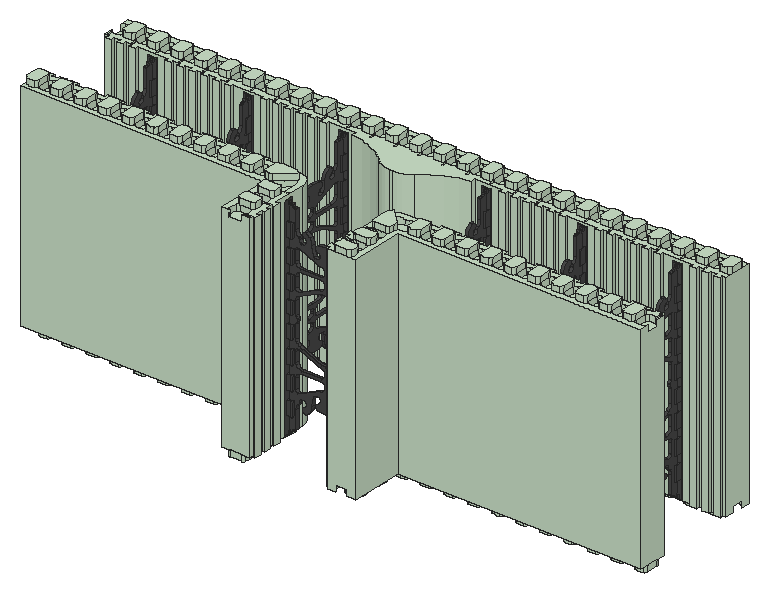
Revit family (continued)
Forms (mm)
  Extrusion 109, void
    sketch origin (-914.281, 0.104, 0) x (0, -1, 0) y (1, 0, 0)
      loop
        arc (-101.014, 635) -> (-97.278, 636.215) -> (-94.972, 639.396) r 6.35
        arc (-94.972, 639.396) -> (-93.737, 645.691) -> (-94.024, 652.1) r 26.988
        arc (-94.024, 652.1) -> (-93.668, 653.385) -> (-92.457, 653.946) r 1.588
        line (-92.457, 653.946) -> (-86.829, 653.946) -> (-86.829, 658.285) -> (-95.62, 658.285)
        arc (-95.62, 658.285) -> (-96.199, 658.394) -> (-96.698, 658.708) r 1.588
        arc (-96.698, 658.708) -> (-98.696, 659.961) -> (-101.014, 660.4) r 6.35
        line (-101.014, 660.4) -> (-124.411, 660.4)
        arc (-124.411, 660.4) -> (-128.147, 659.184) -> (-130.453, 656.003) r 6.35
        arc (-130.453, 656.003) -> (-131.763, 647.7) -> (-130.453, 639.396) r 26.987
    from 0 to 12.7
Cuts and joins
  Extrusion 2, Extrusion 3, Extrusion 4, Extrusion 5, Extrusion 6, Extrusion 7, Extrusion 8, Extrusion 9, Extrusion 10, Extrusion 11, Extrusion 12, Extrusion 13, Extrusion 14, Extrusion 15, Extrusion 16, Extrusion 17, Extrusion 18, Extrusion 19, Extrusion 20, Extrusion 21, Extrusion 22, Extrusion 23, Extrusion 24, Extrusion 25, Extrusion 26, Extrusion 27, Extrusion 28, Extrusion 29, Extrusion 30, Extrusion 31, Extrusion 32, Extrusion 33, Extrusion 34, Extrusion 35, Extrusion 36, Extrusion 37, Extrusion 38, Extrusion 39, Extrusion 40, Extrusion 41, Extrusion 46, Extrusion 47, Extrusion 48, Extrusion 49, Extrusion 50, Extrusion 51, Extrusion 52, Extrusion 53, Extrusion 54, Extrusion 55, Extrusion 56, Extrusion 57, Extrusion 58, Extrusion 59, Extrusion 60, Extrusion 61, Extrusion 62, Extrusion 63, Extrusion 64, Extrusion 65, Extrusion 66, Extrusion 67, Extrusion 68, Extrusion 69, Extrusion 70, Extrusion 71, Extrusion 72, Extrusion 73, Extrusion 74, Extrusion 75, Extrusion 76, Extrusion 77, Extrusion 78, Extrusion 79, Extrusion 80, Extrusion 81, Extrusion 82, Extrusion 83, Extrusion 84, Extrusion 85, Extrusion 86, Extrusion 87, Extrusion 88, Extrusion 89, Extrusion 90, Extrusion 91, Extrusion 92, Extrusion 93, Extrusion 94, Extrusion 95, Extrusion 96, Extrusion 97, Extrusion 98, Extrusion 99, Extrusion 100, Extrusion 101, Extrusion 102, Extrusion 103, Extrusion 104, Extrusion 105, Extrusion 106, Extrusion 107, Extrusion 108, Extrusion 109 cuts Extrusion 1
  Extrusion 4 cuts Extrusion 43
  Extrusion 8 cuts Extrusion 44
  Extrusion 13 cuts Extrusion 42
  Extrusion 19 cuts Extrusion 45
Lines and regions (mm)
  model lines
    curve 1: line (0.119, 143.044, 457.2) -> (0.119, 143.044, 0)
    curve 2: line (-50.681, 143.044, 0) -> (-50.681, 143.044, 457.2)
Dimensions and locks
  aligned and locked: level to plane 2
  aligned and locked: Extrusion 1 to level
  aligned and locked: nested 43 to nested 44
  aligned and locked: nested 115 to nested 43
Nested families
  nested 1: "Interlock Tooth" at (0.119, -253.895, 0) x (0, 1, 0) z (0, 0, 1), type "Interlock Tooth"
  nested 2: "Interlock Tooth" at (0.119, -203.095, 0) x (0, 1, 0) z (0, 0, 1), type "Interlock Tooth"
  nested 3: "Interlock Tooth" at (0.119, -228.495, 0) x (0, 1, 0) z (0, 0, 1), type "Interlock Tooth"
  nested 4: "Interlock Tooth" at (0.119, -177.695, 0) x (0, 1, 0) z (0, 0, 1), type "Interlock Tooth"
  nested 5: "Interlock Tooth" at (-253.881, 0.105, 0), type "Interlock Tooth"
  nested 6: "Interlock Tooth" at (-203.081, 0.105, 0), type "Interlock Tooth"
  nested 7: "Interlock Tooth" at (152.519, 0.105, 0), type "Interlock Tooth"
  nested 8: "Interlock Tooth" at (203.319, 0.105, 0), type "Interlock Tooth"
  nested 9: "Interlock Tooth" at (-228.481, 0.105, -469.9), type "Interlock Tooth"
  nested 10: "Interlock Tooth" at (-177.681, 0.105, -469.9), type "Interlock Tooth"
  nested 11: "Interlock Tooth" at (228.719, 0.105, -469.9), type "Interlock Tooth"
  nested 12: "Interlock Tooth" at (177.919, 0.105, -469.9), type "Interlock Tooth"
  nested 13: "Interlock Tooth" at (0.119, -228.495, -469.9) x (0, -1, 0) z (0, 0, 1), type "Interlock Tooth"
  nested 14: "Interlock Tooth" at (0.119, -177.695, -469.9) x (0, -1, 0) z (0, 0, 1), type "Interlock Tooth"
  nested 15: "Interlock Tooth" at (0.119, -228.495, -469.9) x (0, 1, 0) z (0, 0, 1), type "Interlock Tooth"
  nested 16: "Interlock Tooth" at (0.119, -177.695, -469.9) x (0, 1, 0) z (0, 0, 1), type "Interlock Tooth"
  nested 17: "Interlock Tooth" at (-203.081, 0.104, 0) x (-1, 0, 0) z (0, 0, 1), type "Interlock Tooth"
  nested 18: "Interlock Tooth" at (-228.481, 0.104, -469.9) x (-1, 0, 0) z (0, 0, 1), type "Interlock Tooth"
  nested 19: "Interlock Tooth" at (-152.281, 0.104, 0) x (-1, 0, 0) z (0, 0, 1), type "Interlock Tooth"
  nested 20: "Interlock Tooth" at (-177.681, 0.104, -469.9) x (-1, 0, 0) z (0, 0, 1), type "Interlock Tooth"
  nested 21: "Interlock Tooth" at (-101.481, 0.104, 0) x (-1, 0, 0) z (0, 0, 1), type "Interlock Tooth"
  nested 22: "Interlock Tooth" at (-126.881, 0.104, -469.9) x (-1, 0, 0) z (0, 0, 1), type "Interlock Tooth"
  nested 23: "Interlock Tooth" at (-50.681, 0.104, 0) x (-1, 0, 0) z (0, 0, 1), type "Interlock Tooth"
  nested 24: "Interlock Tooth" at (-76.081, 0.104, -469.9) x (-1, 0, 0) z (0, 0, 1), type "Interlock Tooth"
  nested 25: "Interlock Tooth" at (0.119, 0.104, 0) x (-1, 0, 0) z (0, 0, 1), type "Interlock Tooth"
  nested 26: "Interlock Tooth" at (-25.281, 0.104, -469.9) x (-1, 0, 0) z (0, 0, 1), type "Interlock Tooth"
  nested 27: "Interlock Tooth" at (50.919, 0.104, 0) x (-1, 0, 0) z (0, 0, 1), type "Interlock Tooth"
  nested 28: "Interlock Tooth" at (25.519, 0.104, -469.9) x (-1, 0, 0) z (0, 0, 1), type "Interlock Tooth"
  nested 29: "Interlock Tooth" at (101.719, 0.104, 0) x (-1, 0, 0) z (0, 0, 1), type "Interlock Tooth"
  nested 30: "Interlock Tooth" at (76.319, 0.104, -469.9) x (-1, 0, 0) z (0, 0, 1), type "Interlock Tooth"
  nested 31: "Interlock Tooth" at (152.519, 0.104, 0) x (-1, 0, 0) z (0, 0, 1), type "Interlock Tooth"
  nested 32: "Interlock Tooth" at (127.119, 0.104, -469.9) x (-1, 0, 0) z (0, 0, 1), type "Interlock Tooth"
  nested 33: "Interlock Tooth" at (203.319, 0.104, 0) x (-1, 0, 0) z (0, 0, 1), type "Interlock Tooth"
  nested 34: "Interlock Tooth" at (177.919, 0.104, -469.9) x (-1, 0, 0) z (0, 0, 1), type "Interlock Tooth"
  nested 35: "Interlock Tooth" at (254.119, 0.104, 0) x (-1, 0, 0) z (0, 0, 1), type "Interlock Tooth"
  nested 36: "Interlock Tooth" at (228.719, 0.104, -469.9) x (-1, 0, 0) z (0, 0, 1), type "Interlock Tooth"
  nested 37: "6 inch Insert Web" at (-152.281, 0.105, 0), type "6 inch Insert Web"
  nested 38: "6 inch Insert Web" at (152.519, 0.105, 0), type "6 inch Insert Web"
  nested 39: "6 inch Insert Web" at (0.119, -152.295, 0) x (0, 1, 0) z (0, 0, 1), type "6 inch Insert Web"
  nested 40: "NUDURA Diamond Pattern Missing Two Lines" at (-285.631, -253.895, 0) x (0, 1, 0) z (0, 0, 1), type "NUDURA Diamond Pattern minus Two lines"
  nested 41: "NUDURA Diamond Pattern Missing Two Lines" at (-253.881, 0.105, 0), type "NUDURA Diamond Pattern minus Two lines"
  nested 42: "NUDURA Diamond Pattern Missing Two Lines" at (0.119, -253.895, 0) x (0, 1, 0) z (0, 0, 1), type "NUDURA Diamond Pattern minus Two lines"
  nested 43: "NUDURA Logo Diamond" at (457.254, 143.044, 0) x (-1, 0, 0) z (0, 0, 1), type "NUDURA Logo Diamond"
  nested 44: "NUDURA Logo Diamond" at (152.454, 143.044, 0) x (-1, 0, 0) z (0, 0, 1), type "NUDURA Logo Diamond"
  nested 45: "Interlock Tooth" at (-406.281, 0.104, 0) x (-1, 0, 0) z (0, 0, 1), type "Interlock Tooth"
  nested 46: "Interlock Tooth" at (-355.481, 0.104, 0) x (-1, 0, 0) z (0, 0, 1), type "Interlock Tooth"
  nested 47: "Interlock Tooth" at (-304.681, 0.104, 0) x (-1, 0, 0) z (0, 0, 1), type "Interlock Tooth"
  nested 48: "Interlock Tooth" at (-253.881, 0.104, 0) x (-1, 0, 0) z (0, 0, 1), type "Interlock Tooth"
  nested 49: "Interlock Tooth" at (-457.081, 0.104, 0) x (-1, 0, 0) z (0, 0, 1), type "Interlock Tooth"
  nested 50: "Interlock Tooth" at (-609.481, 0.104, 0) x (-1, 0, 0) z (0, 0, 1), type "Interlock Tooth"
  nested 51: "Interlock Tooth" at (-558.681, 0.104, 0) x (-1, 0, 0) z (0, 0, 1), type "Interlock Tooth"
  nested 52: "Interlock Tooth" at (-507.881, 0.104, 0) x (-1, 0, 0) z (0, 0, 1), type "Interlock Tooth"
  nested 53: "Interlock Tooth" at (-355.481, 0.105, 0), type "Interlock Tooth"
  nested 54: "Interlock Tooth" at (-304.681, 0.105, 0), type "Interlock Tooth"
  nested 55: "Interlock Tooth" at (-457.081, 0.105, 0), type "Interlock Tooth"
  nested 56: "Interlock Tooth" at (-406.281, 0.105, 0), type "Interlock Tooth"
  nested 57: "Interlock Tooth" at (-558.681, 0.105, 0), type "Interlock Tooth"
  nested 58: "Interlock Tooth" at (-507.881, 0.105, 0), type "Interlock Tooth"
  nested 59: "Interlock Tooth" at (-660.281, 0.105, 0), type "Interlock Tooth"
  nested 60: "Interlock Tooth" at (-609.481, 0.105, 0), type "Interlock Tooth"
  nested 61: "Interlock Tooth" at (254.119, 0.105, 0), type "Interlock Tooth"
  nested 62: "Interlock Tooth" at (304.919, 0.105, 0), type "Interlock Tooth"
  nested 63: "Interlock Tooth" at (355.719, 0.105, 0), type "Interlock Tooth"
  nested 64: "Interlock Tooth" at (406.519, 0.105, 0), type "Interlock Tooth"
  nested 65: "Interlock Tooth" at (457.319, 0.105, 0), type "Interlock Tooth"
  nested 66: "Interlock Tooth" at (508.119, 0.105, 0), type "Interlock Tooth"
  nested 67: "Interlock Tooth" at (558.919, 0.105, 0), type "Interlock Tooth"
  nested 68: "Interlock Tooth" at (609.719, 0.105, 0), type "Interlock Tooth"
  nested 69: "Interlock Tooth" at (355.719, 0.104, 0) x (-1, 0, 0) z (0, 0, 1), type "Interlock Tooth"
  nested 70: "Interlock Tooth" at (406.519, 0.104, 0) x (-1, 0, 0) z (0, 0, 1), type "Interlock Tooth"
  nested 71: "Interlock Tooth" at (457.319, 0.104, 0) x (-1, 0, 0) z (0, 0, 1), type "Interlock Tooth"
  nested 72: "Interlock Tooth" at (508.119, 0.104, 0) x (-1, 0, 0) z (0, 0, 1), type "Interlock Tooth"
  nested 73: "Interlock Tooth" at (558.919, 0.104, 0) x (-1, 0, 0) z (0, 0, 1), type "Interlock Tooth"
  nested 74: "Interlock Tooth" at (609.719, 0.104, 0) x (-1, 0, 0) z (0, 0, 1), type "Interlock Tooth"
  nested 75: "Interlock Tooth" at (660.519, 0.104, 0) x (-1, 0, 0) z (0, 0, 1), type "Interlock Tooth"
  nested 76: "Interlock Tooth" at (304.919, 0.104, 0) x (-1, 0, 0) z (0, 0, 1), type "Interlock Tooth"
  nested 77: "Interlock Tooth" at (-330.081, 0.105, -469.9), type "Interlock Tooth"
  nested 78: "Interlock Tooth" at (-279.281, 0.105, -469.9), type "Interlock Tooth"
  nested 79: "Interlock Tooth" at (-431.681, 0.105, -469.9), type "Interlock Tooth"
  nested 80: "Interlock Tooth" at (-380.881, 0.105, -469.9), type "Interlock Tooth"
  nested 81: "Interlock Tooth" at (-533.281, 0.105, -469.9), type "Interlock Tooth"
  nested 82: "Interlock Tooth" at (-482.481, 0.105, -469.9), type "Interlock Tooth"
  nested 83: "Interlock Tooth" at (-634.881, 0.105, -469.9), type "Interlock Tooth"
  nested 84: "Interlock Tooth" at (-584.081, 0.105, -469.9), type "Interlock Tooth"
  nested 85: "Interlock Tooth" at (330.319, 0.105, -469.9), type "Interlock Tooth"
  nested 86: "Interlock Tooth" at (279.519, 0.105, -469.9), type "Interlock Tooth"
  nested 87: "Interlock Tooth" at (431.919, 0.105, -469.9), type "Interlock Tooth"
  nested 88: "Interlock Tooth" at (381.119, 0.105, -469.9), type "Interlock Tooth"
  nested 89: "Interlock Tooth" at (533.519, 0.105, -469.9), type "Interlock Tooth"
  nested 90: "Interlock Tooth" at (482.719, 0.105, -469.9), type "Interlock Tooth"
  nested 91: "Interlock Tooth" at (635.119, 0.105, -469.9), type "Interlock Tooth"
  nested 92: "Interlock Tooth" at (584.319, 0.105, -469.9), type "Interlock Tooth"
  nested 93: "Interlock Tooth" at (279.519, 0.104, -469.9) x (-1, 0, 0) z (0, 0, 1), type "Interlock Tooth"
  nested 94: "Interlock Tooth" at (330.319, 0.104, -469.9) x (-1, 0, 0) z (0, 0, 1), type "Interlock Tooth"
  nested 95: "Interlock Tooth" at (381.119, 0.104, -469.9) x (-1, 0, 0) z (0, 0, 1), type "Interlock Tooth"
  nested 96: "Interlock Tooth" at (431.919, 0.104, -469.9) x (-1, 0, 0) z (0, 0, 1), type "Interlock Tooth"
  nested 97: "Interlock Tooth" at (482.719, 0.104, -469.9) x (-1, 0, 0) z (0, 0, 1), type "Interlock Tooth"
  nested 98: "Interlock Tooth" at (533.519, 0.104, -469.9) x (-1, 0, 0) z (0, 0, 1), type "Interlock Tooth"
  nested 99: "Interlock Tooth" at (584.319, 0.104, -469.9) x (-1, 0, 0) z (0, 0, 1), type "Interlock Tooth"
  nested 100: "Interlock Tooth" at (635.119, 0.104, -469.9) x (-1, 0, 0) z (0, 0, 1), type "Interlock Tooth"
  nested 101: "Interlock Tooth" at (-634.881, 0.104, -469.9) x (-1, 0, 0) z (0, 0, 1), type "Interlock Tooth"
  nested 102: "Interlock Tooth" at (-584.081, 0.104, -469.9) x (-1, 0, 0) z (0, 0, 1), type "Interlock Tooth"
  nested 103: "Interlock Tooth" at (-533.281, 0.104, -469.9) x (-1, 0, 0) z (0, 0, 1), type "Interlock Tooth"
  nested 104: "Interlock Tooth" at (-482.481, 0.104, -469.9) x (-1, 0, 0) z (0, 0, 1), type "Interlock Tooth"
  nested 105: "Interlock Tooth" at (-431.681, 0.104, -469.9) x (-1, 0, 0) z (0, 0, 1), type "Interlock Tooth"
  nested 106: "Interlock Tooth" at (-380.881, 0.104, -469.9) x (-1, 0, 0) z (0, 0, 1), type "Interlock Tooth"
  nested 107: "Interlock Tooth" at (-330.081, 0.104, -469.9) x (-1, 0, 0) z (0, 0, 1), type "Interlock Tooth"
  nested 108: "Interlock Tooth" at (-279.281, 0.104, -469.9) x (-1, 0, 0) z (0, 0, 1), type "Interlock Tooth"
  nested 109: "6 inch Insert Web" at (-355.481, 0.105, 0), type "6 inch Insert Web"
  nested 110: "6 inch Insert Web" at (-558.681, 0.105, 0), type "6 inch Insert Web"
  nested 111: "6 inch Insert Web" at (355.719, 0.105, 0), type "6 inch Insert Web"
  nested 112: "6 inch Insert Web" at (558.919, 0.105, 0), type "6 inch Insert Web"
  nested 113: "NUDURA Diamond Pattern" at (-660.281, 285.919, 0), type "NUDURA Diamond Pattern"
  nested 114: "NUDURA Diamond Pattern" at (-457.081, 285.919, 0), type "NUDURA Diamond Pattern"
  nested 115: "NUDURA Diamond Pattern" at (457.319, 0.169, 0) x (-1, 0, 0) z (0, 0, 1), type "NUDURA Diamond Pattern"
  nested 116: "NUDURA Diamond Pattern" at (660.519, 0.169, 0) x (-1, 0, 0) z (0, 0, 1), type "NUDURA Diamond Pattern"
  nested 117: "NUDURA Logo Diamond" at (254.184, -142.705, 0), type "NUDURA Logo Diamond"
  nested 118: "NUDURA Logo Diamond" at (-863.416, -142.705, 0), type "NUDURA Logo Diamond"
  nested 119: "NUDURA Diamond Pattern" at (-457.081, 0.17, 0), type "NUDURA Diamond Pattern"
  nested 120: "NUDURA Diamond Pattern" at (254.119, 0.17, 0), type "NUDURA Diamond Pattern"
  nested 121: "NUDURA Diamond Pattern Missing Left Line" at (50.919, 0.17, 0), type "NUDURA Diamond Pattern missing left line"
Definition of nested family "Interlock Tooth"
  Reference planes
    plane 1 "Center (Front/Back)": y = 0
    plane 2: z = 0
    plane 3 "Center (Left/Right)": x = 0
    plane 4: z = 457.2
    plane 5: z = 469.9
    plane 6: z = -12.7
  Forms (mm)
    Extrusion 1, solid, material "EPS- NUDURA- Foam Panel"
      sketch origin (0, -225.425, 0) x (1, 0, 0) y (0, 1, 0)
        loop
          arc (0, 101.014) -> (1.215, 97.278) -> (4.396, 94.972) r 6.35
          arc (4.396, 94.972) -> (12.7, 93.663) -> (21.004, 94.972) r 26.988
          arc (21.004, 94.972) -> (24.185, 97.278) -> (25.4, 101.014) r 6.35
          line (25.4, 101.014) -> (25.4, 124.411)
          arc (25.4, 124.411) -> (24.185, 128.147) -> (21.004, 130.453) r 6.35
          arc (21.004, 130.453) -> (12.7, 131.763) -> (4.396, 130.453) r 26.987
          arc (4.396, 130.453) -> (1.215, 128.147) -> (0, 124.411) r 6.35
          line (0, 124.411) -> (0, 101.014)
      from 457.2 to 469.9
  Dimensions and locks
    locked: plane 4 to level at 457.2
    locked: plane 4 to plane 5 at 12.7
    locked: plane 6 to level at 12.7
Definition of nested family "6 inch Insert Web"
  Reference planes
    plane 1 "Center (Front/Back)": y = 0
    plane 2: z = 0
    plane 3 "Center (Left/Right)": x = 0
  Forms (mm)
    Extrusion 1, solid, material "High Density Polystyrene- NUDURA"
      sketch origin (0, 0, 0) x (0, 1, 0) y (0, 0, 1)
        loop
          line (82.55, 0) -> (82.55, 450.744)
          arc (82.55, 450.744) -> (81.817, 450.243) -> (81.534, 449.4) r 1.397
          line (81.534, 449.4) -> (81.534, 1.344)
          arc (81.534, 1.344) -> (81.817, 0.502) -> (82.55, 0) r 1.397
        loop
          arc (-82.55, 0) -> (-81.817, 0.502) -> (-81.534, 1.344) r 1.397
          line (-81.534, 1.344) -> (-81.534, 449.4)
          arc (-81.534, 449.4) -> (-81.817, 450.243) -> (-82.55, 450.744) r 1.397
          line (-82.55, 450.744) -> (-82.55, 0)
      from 9.227 to -9.227
    Extrusion 2, solid, material "Polypropylene- NUDURA"
      sketch origin (0, 0, 0) x (0, 1, 0) y (0, 0, 1)
        loop
          arc (80.998, 442.16) -> (81.375, 442.021) -> (81.534, 441.652) r 0.508
          line (81.534, 441.652) -> (81.534, 447.972)
          arc (81.534, 447.972) -> (81.429, 447.585) -> (81.142, 447.306) r 0.762
          line (81.142, 447.306) -> (79.386, 446.33)
          arc (79.386, 446.33) -> (79.099, 446.05) -> (78.994, 445.664) r 0.762
          line (78.994, 445.664) -> (78.994, 442.585)
          arc (78.994, 442.585) -> (79.153, 442.216) -> (79.53, 442.078) r 0.508
          line (79.53, 442.078) -> (80.998, 442.16)
        loop
          line (-79.386, 446.33) -> (-81.142, 447.306)
          arc (-81.142, 447.306) -> (-81.429, 447.585) -> (-81.534, 447.972) r 0.762
          line (-81.534, 447.972) -> (-81.534, 441.652)
          arc (-81.534, 441.652) -> (-81.375, 442.021) -> (-80.998, 442.16) r 0.508
          line (-80.998, 442.16) -> (-79.53, 442.078)
          arc (-79.53, 442.078) -> (-79.153, 442.216) -> (-78.994, 442.585) r 0.508
          line (-78.994, 442.585) -> (-78.994, 445.664)
          arc (-78.994, 445.664) -> (-79.099, 446.05) -> (-79.386, 446.33) r 0.762
        loop
          line (80.998, 8.585) -> (79.53, 8.666)
          arc (79.53, 8.666) -> (79.153, 8.528) -> (78.994, 8.159) r 0.508
          line (78.994, 8.159) -> (78.994, 5.08)
          arc (78.994, 5.08) -> (79.099, 4.694) -> (79.386, 4.414) r 0.762
          line (79.386, 4.414) -> (81.142, 3.439)
          arc (81.142, 3.439) -> (81.429, 3.159) -> (81.534, 2.772) r 0.762
          line (81.534, 2.772) -> (81.534, 9.092)
          arc (81.534, 9.092) -> (81.375, 8.723) -> (80.998, 8.585) r 0.508
        loop
          arc (-79.386, 4.414) -> (-79.099, 4.694) -> (-78.994, 5.08) r 0.762
          line (-78.994, 5.08) -> (-78.994, 8.159)
          arc (-78.994, 8.159) -> (-79.153, 8.528) -> (-79.53, 8.666) r 0.508
          line (-79.53, 8.666) -> (-80.998, 8.585)
          arc (-80.998, 8.585) -> (-81.375, 8.723) -> (-81.534, 9.092) r 0.508
          line (-81.534, 9.092) -> (-81.534, 2.772)
          arc (-81.534, 2.772) -> (-81.429, 3.159) -> (-81.142, 3.439) r 0.762
          line (-81.142, 3.439) -> (-79.386, 4.414)
        loop
          line (76.2, 437.076) -> (74.295, 442.918)
          arc (74.295, 442.918) -> (73.025, 443.68) -> (71.755, 442.918) r 1.439
          line (71.755, 442.918) -> (70.513, 439.108) -> (67.283, 439.108)
          arc (67.283, 439.108) -> (66.404, 438.744) -> (66.04, 437.865) r 1.243
          line (66.04, 437.865) -> (66.04, 437.076) -> (63.5, 437.076) -> (63.5, 398.587)
          arc (63.5, 398.587) -> (61.744, 391.807) -> (56.918, 386.731) r 13.97
          arc (56.918, 386.731) -> (55.685, 385.301) -> (55.481, 383.425) r 3.175
          arc (55.481, 383.425) -> (44.176, 375.129) -> (45.002, 389.127) r 7.747
          arc (45.002, 389.127) -> (48.114, 396.391) -> (40.85, 399.503) r 5.588
          arc (40.85, 399.503) -> (31.859, 392.006) -> (28.999, 380.652) r 18.923
          arc (28.999, 380.652) -> (27.891, 370.113) -> (24.621, 360.032) r 50.8
          arc (24.621, 360.032) -> (11.944, 359.938) -> (16.15, 371.896) r 7.747
          arc (16.15, 371.896) -> (20.591, 377.594) -> (16.474, 383.531) r 6.096
          arc (16.474, 383.531) -> (8.351, 385.585) -> (0, 386.276) r 50.8
          arc (0, 386.276) -> (-8.351, 385.585) -> (-16.474, 383.531) r 50.8
          arc (-16.474, 383.531) -> (-20.591, 377.594) -> (-16.15, 371.896) r 6.096
          arc (-16.15, 371.896) -> (-11.944, 359.938) -> (-24.621, 360.032) r 7.747
          arc (-24.621, 360.032) -> (-27.891, 370.113) -> (-28.999, 380.652) r 50.8
          arc (-28.999, 380.652) -> (-31.859, 392.006) -> (-40.85, 399.503) r 18.923
          arc (-40.85, 399.503) -> (-48.114, 396.391) -> (-45.002, 389.127) r 5.588
          arc (-45.002, 389.127) -> (-44.176, 375.129) -> (-55.481, 383.425) r 7.747
          arc (-55.481, 383.425) -> (-55.685, 385.301) -> (-56.918, 386.731) r 3.175
          arc (-56.918, 386.731) -> (-61.744, 391.807) -> (-63.5, 398.587) r 13.97
          line (-63.5, 398.587) -> (-63.5, 437.076) -> (-66.04, 437.076) -> (-66.04, 437.865)
          arc (-66.04, 437.865) -> (-66.404, 438.744) -> (-67.283, 439.108) r 1.243
          line (-67.283, 439.108) -> (-70.513, 439.108) -> (-71.755, 442.918)
          arc (-71.755, 442.918) -> (-73.025, 443.68) -> (-74.295, 442.918) r 1.439
          line (-74.295, 442.918) -> (-76.2, 437.076) -> (-76.2, 16.896) -> (-74.295, 11.054)
          arc (-74.295, 11.054) -> (-73.025, 10.292) -> (-71.755, 11.054) r 1.439
          line (-71.755, 11.054) -> (-70.513, 14.864) -> (-67.283, 14.864)
          arc (-67.283, 14.864) -> (-66.404, 15.228) -> (-66.04, 16.107) r 1.243
          line (-66.04, 16.107) -> (-66.04, 16.896) -> (-63.5, 16.896) -> (-63.5, 55.385)
          arc (-63.5, 55.385) -> (-61.744, 62.165) -> (-56.918, 67.242) r 13.97
          arc (-56.918, 67.242) -> (-55.685, 68.671) -> (-55.481, 70.547) r 3.175
          arc (-55.481, 70.547) -> (-44.176, 78.843) -> (-45.002, 64.845) r 7.747
          arc (-45.002, 64.845) -> (-48.114, 57.581) -> (-40.85, 54.469) r 5.588
          arc (-40.85, 54.469) -> (-31.859, 61.967) -> (-28.999, 73.32) r 18.923
          arc (-28.999, 73.32) -> (-27.891, 83.859) -> (-24.621, 93.94) r 50.8
          arc (-24.621, 93.94) -> (-11.944, 94.034) -> (-16.15, 82.076) r 7.747
          arc (-16.15, 82.076) -> (-20.591, 76.378) -> (-16.474, 70.441) r 6.096
          arc (-16.474, 70.441) -> (-8.351, 68.387) -> (0, 67.696) r 50.8
          arc (0, 67.696) -> (8.351, 68.387) -> (16.474, 70.441) r 50.8
          arc (16.474, 70.441) -> (20.591, 76.378) -> (16.15, 82.076) r 6.096
          arc (16.15, 82.076) -> (11.944, 94.034) -> (24.621, 93.94) r 7.747
          arc (24.621, 93.94) -> (27.891, 83.859) -> (28.999, 73.32) r 50.8
          arc (28.999, 73.32) -> (31.859, 61.967) -> (40.85, 54.469) r 18.923
          arc (40.85, 54.469) -> (48.114, 57.581) -> (45.002, 64.845) r 5.588
          arc (45.002, 64.845) -> (44.176, 78.843) -> (55.481, 70.547) r 7.747
          arc (55.481, 70.547) -> (55.685, 68.671) -> (56.918, 67.242) r 3.175
          arc (56.918, 67.242) -> (61.744, 62.165) -> (63.5, 55.385) r 13.97
          line (63.5, 55.385) -> (63.5, 16.896) -> (66.04, 16.896) -> (66.04, 16.107)
          arc (66.04, 16.107) -> (66.404, 15.228) -> (67.283, 14.864) r 1.243
          line (67.283, 14.864) -> (70.513, 14.864) -> (71.755, 11.054)
          arc (71.755, 11.054) -> (73.025, 10.292) -> (74.295, 11.054) r 1.439
          line (74.295, 11.054) -> (76.2, 16.896) -> (76.2, 437.076)
        loop
          line (9.461, 325.824) -> (50.8, 325.824)
          arc (50.8, 325.824) -> (59.78, 329.544) -> (63.5, 338.524) r 12.7
          line (63.5, 338.524) -> (63.5, 360.069)
          arc (63.5, 360.069) -> (60.558, 365.427) -> (54.458, 365.821) r 6.35
          line (54.458, 365.821) -> (24.225, 351.671)
          arc (24.225, 351.671) -> (17.004, 348.871) -> (9.471, 347.073) r 57.15
          arc (9.471, 347.073) -> (3.777, 343.832) -> (1.524, 337.68) r 9.525
          line (1.524, 337.68) -> (1.524, 333.762)
          arc (1.524, 333.762) -> (3.849, 328.149) -> (9.461, 325.824) r 7.937
        loop
          arc (-1.524, 337.68) -> (-3.777, 343.832) -> (-9.471, 347.073) r 9.525
          arc (-9.471, 347.073) -> (-17.004, 348.871) -> (-24.225, 351.671) r 57.15
          line (-24.225, 351.671) -> (-54.458, 365.821)
          arc (-54.458, 365.821) -> (-60.558, 365.427) -> (-63.5, 360.069) r 6.35
          line (-63.5, 360.069) -> (-63.5, 338.524)
          arc (-63.5, 338.524) -> (-59.78, 329.544) -> (-50.8, 325.824) r 12.7
          line (-50.8, 325.824) -> (-9.462, 325.824)
          arc (-9.462, 325.824) -> (-3.849, 328.149) -> (-1.524, 333.762) r 7.938
          line (-1.524, 333.762) -> (-1.524, 337.68)
        loop
          line (-63.5, 308.552) -> (-63.5, 287.007)
          arc (-63.5, 287.007) -> (-60.558, 281.649) -> (-54.458, 281.256) r 6.35
          line (-54.458, 281.256) -> (-24.225, 295.405)
          arc (-24.225, 295.405) -> (-17.004, 298.205) -> (-9.471, 300.003) r 57.15
          arc (-9.471, 300.003) -> (-3.777, 303.244) -> (-1.524, 309.396) r 9.525
          line (-1.524, 309.396) -> (-1.524, 313.315)
          arc (-1.524, 313.315) -> (-3.849, 318.927) -> (-9.462, 321.252) r 7.938
          line (-9.462, 321.252) -> (-50.8, 321.252)
          arc (-50.8, 321.252) -> (-59.78, 317.532) -> (-63.5, 308.552) r 12.7
        loop
          line (1.524, 313.315) -> (1.524, 309.396)
          arc (1.524, 309.396) -> (3.777, 303.244) -> (9.471, 300.003) r 9.525
          arc (9.471, 300.003) -> (17.004, 298.205) -> (24.225, 295.405) r 57.15
          line (24.225, 295.405) -> (54.458, 281.256)
          arc (54.458, 281.256) -> (60.558, 281.649) -> (63.5, 287.007) r 6.35
          line (63.5, 287.007) -> (63.5, 308.552)
          arc (63.5, 308.552) -> (59.78, 317.532) -> (50.8, 321.252) r 12.7
          line (50.8, 321.252) -> (9.461, 321.252)
          arc (9.461, 321.252) -> (3.849, 318.927) -> (1.524, 313.315) r 7.937
        loop
          line (-63.5, 234.92) -> (-60.452, 229.84) -> (-60.452, 226.986) -> (-60.452, 224.132) -> (-63.5, 219.052) -> (-63.5, 190.074)
          arc (-63.5, 190.074) -> (-61.516, 183.258) -> (-56.183, 178.572) r 12.7
          line (-56.183, 178.572) -> (-24.225, 163.615)
          arc (-24.225, 163.615) -> (-12.408, 159.59) -> (0, 158.227) r 57.15
          arc (0, 158.227) -> (12.408, 159.59) -> (24.225, 163.615) r 57.15
          line (24.225, 163.615) -> (56.183, 178.572)
          arc (56.183, 178.572) -> (61.516, 183.258) -> (63.5, 190.074) r 12.7
          line (63.5, 190.074) -> (63.5, 219.052) -> (60.452, 224.132) -> (60.452, 226.986) -> (60.452, 229.84) -> (63.5, 234.92) -> (63.5, 263.898)
          arc (63.5, 263.898) -> (61.516, 270.714) -> (56.183, 275.4) r 12.7
          line (56.183, 275.4) -> (24.225, 290.357)
          arc (24.225, 290.357) -> (12.408, 294.382) -> (0, 295.745) r 57.15
          arc (0, 295.745) -> (-12.408, 294.382) -> (-24.225, 290.357) r 57.15
          line (-24.225, 290.357) -> (-56.183, 275.4)
          arc (-56.183, 275.4) -> (-61.516, 270.714) -> (-63.5, 263.898) r 12.7
          line (-63.5, 263.898) -> (-63.5, 234.92)
        loop
          line (-63.5, 166.965) -> (-63.5, 145.42)
          arc (-63.5, 145.42) -> (-59.78, 136.44) -> (-50.8, 132.72) r 12.7
          line (-50.8, 132.72) -> (-9.462, 132.72)
          arc (-9.462, 132.72) -> (-3.849, 135.045) -> (-1.524, 140.657) r 7.938
          line (-1.524, 140.657) -> (-1.524, 144.576)
          arc (-1.524, 144.576) -> (-3.777, 150.728) -> (-9.471, 153.969) r 9.525
          arc (-9.471, 153.969) -> (-17.004, 155.767) -> (-24.225, 158.567) r 57.15
          line (-24.225, 158.567) -> (-54.458, 172.716)
          arc (-54.458, 172.716) -> (-60.558, 172.323) -> (-63.5, 166.965) r 6.35
        loop
          line (9.461, 132.72) -> (50.8, 132.72)
          arc (50.8, 132.72) -> (59.78, 136.44) -> (63.5, 145.42) r 12.7
          line (63.5, 145.42) -> (63.5, 166.965)
          arc (63.5, 166.965) -> (60.558, 172.323) -> (54.458, 172.716) r 6.35
          line (54.458, 172.716) -> (24.225, 158.567)
          arc (24.225, 158.567) -> (17.004, 155.767) -> (9.471, 153.969) r 57.15
          arc (9.471, 153.969) -> (3.777, 150.728) -> (1.524, 144.576) r 9.525
          line (1.524, 144.576) -> (1.524, 140.657)
          arc (1.524, 140.657) -> (3.849, 135.045) -> (9.461, 132.72) r 7.937
        loop
          line (1.524, 120.21) -> (1.524, 116.292)
          arc (1.524, 116.292) -> (3.777, 110.14) -> (9.471, 106.899) r 9.525
          arc (9.471, 106.899) -> (17.004, 105.101) -> (24.225, 102.301) r 57.15
          line (24.225, 102.301) -> (54.458, 88.151)
          arc (54.458, 88.151) -> (60.558, 88.545) -> (63.5, 93.903) r 6.35
          line (63.5, 93.903) -> (63.5, 115.448)
          arc (63.5, 115.448) -> (59.78, 124.428) -> (50.8, 128.148) r 12.7
          line (50.8, 128.148) -> (9.461, 128.148)
          arc (9.461, 128.148) -> (3.849, 125.823) -> (1.524, 120.21) r 7.937
        loop
          line (-1.524, 116.292) -> (-1.524, 120.21)
          arc (-1.524, 120.21) -> (-3.849, 125.823) -> (-9.462, 128.148) r 7.938
          line (-9.462, 128.148) -> (-50.8, 128.148)
          arc (-50.8, 128.148) -> (-59.78, 124.428) -> (-63.5, 115.448) r 12.7
          line (-63.5, 115.448) -> (-63.5, 93.903)
          arc (-63.5, 93.903) -> (-60.558, 88.545) -> (-54.458, 88.151) r 6.35
          line (-54.458, 88.151) -> (-24.225, 102.301)
          arc (-24.225, 102.301) -> (-17.004, 105.101) -> (-9.471, 106.899) r 57.15
          arc (-9.471, 106.899) -> (-3.777, 110.14) -> (-1.524, 116.292) r 9.525
      from 3.175 to -3.175
    Extrusion 3, solid, material "High Density Polystyrene- NUDURA"
      sketch origin (0, 0, 0) x (0, 1, 0) y (0, 0, 1)
        loop
          line (81.534, 410.919) -> (68.834, 410.919) -> (68.834, 380.439) -> (81.534, 380.439) -> (81.534, 410.919)
        loop
          line (81.534, 361.389) -> (68.834, 361.389) -> (68.834, 330.909) -> (81.534, 330.909) -> (81.534, 361.389)
        loop
          line (81.534, 311.859) -> (68.834, 311.859) -> (68.834, 281.379) -> (81.534, 281.379) -> (81.534, 311.859)
        loop
          line (81.534, 262.329) -> (68.834, 262.329) -> (68.834, 234.897) -> (81.534, 234.897) -> (81.534, 262.329)
        loop
          line (81.534, 215.847) -> (68.834, 215.847) -> (68.834, 188.415) -> (81.534, 188.415) -> (81.534, 215.847)
        loop
          line (81.534, 169.365) -> (68.834, 169.365) -> (68.834, 138.885) -> (81.534, 138.885) -> (81.534, 169.365)
        loop
          line (81.534, 119.835) -> (68.834, 119.835) -> (68.834, 89.355) -> (81.534, 89.355) -> (81.534, 119.835)
        loop
          line (81.534, 70.305) -> (68.834, 70.305) -> (68.834, 39.825) -> (81.534, 39.825) -> (81.534, 70.305)
        loop
          line (-81.534, 410.919) -> (-81.534, 380.439) -> (-68.834, 380.439) -> (-68.834, 410.919) -> (-81.534, 410.919)
        loop
          line (-81.534, 361.389) -> (-81.534, 330.909) -> (-68.834, 330.909) -> (-68.834, 361.389) -> (-81.534, 361.389)
        loop
          line (-81.534, 311.859) -> (-81.534, 281.379) -> (-68.834, 281.379) -> (-68.834, 311.859) -> (-81.534, 311.859)
        loop
          line (-81.534, 262.329) -> (-81.534, 234.897) -> (-68.834, 234.897) -> (-68.834, 262.329) -> (-81.534, 262.329)
        loop
          line (-81.534, 215.847) -> (-81.534, 188.415) -> (-68.834, 188.415) -> (-68.834, 215.847) -> (-81.534, 215.847)
        loop
          line (-81.534, 169.365) -> (-81.534, 138.885) -> (-68.834, 138.885) -> (-68.834, 169.365) -> (-81.534, 169.365)
        loop
          line (-81.534, 119.835) -> (-81.534, 89.355) -> (-68.834, 89.355) -> (-68.834, 119.835) -> (-81.534, 119.835)
        loop
          line (-81.534, 70.305) -> (-81.534, 39.825) -> (-68.834, 39.825) -> (-68.834, 70.305) -> (-81.534, 70.305)
      from 6.35 to -6.35
    Extrusion 4, void
      sketch origin (0, 0, 0) x (1, 0, 0) y (0, 1, 0)
        loop
          line (-6.35, 70.929) -> (-6.35, 68.834) -> (-4.255, 68.834)
          arc (-4.255, 68.834) -> (-5.736, 69.448) -> (-6.35, 70.929) r 2.095
      from 0 to 457.2
    Extrusion 5, void
      sketch origin (0, 0, 0) x (-1, 0, 0) y (0, -1, 0)
        loop
          arc (-6.35, -70.929) -> (-5.736, -69.448) -> (-4.255, -68.834) r 2.095
          line (-4.255, -68.834) -> (-6.35, -68.834) -> (-6.35, -70.929)
      from 0 to 457.2
    Extrusion 6, void
      sketch origin (0, 0, 0) x (1, 0, 0) y (0, 1, 0)
        loop
          arc (-6.35, -70.929) -> (-5.736, -69.448) -> (-4.255, -68.834) r 2.095
          line (-4.255, -68.834) -> (-6.35, -68.834) -> (-6.35, -70.929)
      from 0 to 457.2
    Extrusion 7, void
      sketch origin (0, 0, 0) x (-1, 0, 0) y (0, -1, 0)
        loop
          line (-6.35, 70.929) -> (-6.35, 68.834) -> (-4.255, 68.834)
          arc (-4.255, 68.834) -> (-5.736, 69.448) -> (-6.35, 70.929) r 2.095
      from 0 to 457.2
  Cuts and joins
    Extrusion 4, Extrusion 5, Extrusion 6, Extrusion 7 cuts Extrusion 1
    Extrusion 4, Extrusion 5, Extrusion 6, Extrusion 7 cuts Extrusion 3
Definition of nested family "NUDURA Diamond Pattern Missing Two Lines"
  Reference planes
    plane 1 "Center (Front/Back)": y = 0
    plane 2: z = 0
    plane 3 "Center (Left/Right)": x = 0
    plane 4: z = 457.2
  Lines and regions (mm)
    model lines
      curve 1: line (50.8, -142.875, 457.2) -> (50.8, -142.875, 0)
      curve 2: line (85.183, -142.875, 431.415) -> (93.906, -142.875, 422.692)
      curve 3: arc (85.183, -142.875, 444.885) -> (82.394, -142.875, 438.15) -> (85.183, -142.875, 431.415) r 9.525
      curve 4: line (94.708, -142.875, 454.41) -> (85.183, -142.875, 444.885)
      curve 5: arc (108.179, -142.875, 454.41) -> (101.444, -142.875, 457.2) -> (94.708, -142.875, 454.41) r 9.525
      curve 6: line (117.704, -142.875, 444.885) -> (108.179, -142.875, 454.41)
      curve 7: arc (117.704, -142.875, 431.415) -> (120.494, -142.875, 438.15) -> (117.704, -142.875, 444.885) r 9.525
      curve 8: line (108.981, -142.875, 422.692) -> (117.704, -142.875, 431.415)
      curve 9: arc (105.934, -142.875, 452.165) -> (101.444, -142.875, 454.025) -> (96.953, -142.875, 452.165) r 6.35
      curve 10: line (115.459, -142.875, 442.64) -> (105.934, -142.875, 452.165)
      curve 11: arc (115.459, -142.875, 433.66) -> (117.319, -142.875, 438.15) -> (115.459, -142.875, 442.64) r 6.35
      curve 12: line (105.934, -142.875, 424.135) -> (115.459, -142.875, 433.66)
      curve 13: arc (96.953, -142.875, 424.135) -> (101.444, -142.875, 422.275) -> (105.934, -142.875, 424.135) r 6.35
      curve 14: line (87.428, -142.875, 433.66) -> (96.953, -142.875, 424.135)
      curve 15: arc (87.428, -142.875, 442.64) -> (85.569, -142.875, 438.15) -> (87.428, -142.875, 433.66) r 6.35
      curve 16: line (96.953, -142.875, 452.165) -> (87.428, -142.875, 442.64)
      curve 17: arc (93.906, -142.875, 415.508) -> (95.394, -142.875, 419.1) -> (93.906, -142.875, 422.692) r 5.08
      curve 18: line (117.704, -142.875, 406.785) -> (108.981, -142.875, 415.508)
      curve 19: arc (117.704, -142.875, 393.315) -> (120.494, -142.875, 400.05) -> (117.704, -142.875, 406.785) r 9.525
      curve 20: line (108.981, -142.875, 384.592) -> (117.704, -142.875, 393.315)
      curve 21: line (85.183, -142.875, 393.315) -> (93.906, -142.875, 384.592)
      curve 22: arc (85.183, -142.875, 406.785) -> (82.394, -142.875, 400.05) -> (85.183, -142.875, 393.315) r 9.525
      curve 23: line (93.906, -142.875, 415.508) -> (85.183, -142.875, 406.785)
      curve 24: arc (105.934, -142.875, 414.065) -> (101.444, -142.875, 415.925) -> (96.953, -142.875, 414.065) r 6.35
      curve 25: line (96.953, -142.875, 414.065) -> (87.428, -142.875, 404.54)
      curve 26: arc (87.428, -142.875, 404.54) -> (85.569, -142.875, 400.05) -> (87.428, -142.875, 395.56) r 6.35
      curve 27: line (87.428, -142.875, 395.56) -> (96.953, -142.875, 386.035)
      curve 28: arc (96.953, -142.875, 386.035) -> (101.444, -142.875, 384.175) -> (105.934, -142.875, 386.035) r 6.35
      curve 29: line (105.934, -142.875, 386.035) -> (115.459, -142.875, 395.56)
      curve 30: arc (115.459, -142.875, 395.56) -> (117.319, -142.875, 400.05) -> (115.459, -142.875, 404.54) r 6.35
      curve 31: line (115.459, -142.875, 404.54) -> (105.934, -142.875, 414.065)
      curve 32: arc (93.906, -142.875, 377.408) -> (95.394, -142.875, 381) -> (93.906, -142.875, 384.592) r 5.08
      curve 33: line (117.704, -142.875, 368.685) -> (108.981, -142.875, 377.408)
      curve 34: arc (117.704, -142.875, 355.215) -> (120.494, -142.875, 361.95) -> (117.704, -142.875, 368.685) r 9.525
      curve 35: line (108.981, -142.875, 346.492) -> (117.704, -142.875, 355.215)
      curve 36: line (85.183, -142.875, 355.215) -> (93.906, -142.875, 346.492)
      curve 37: arc (85.183, -142.875, 368.685) -> (82.394, -142.875, 361.95) -> (85.183, -142.875, 355.215) r 9.525
      curve 38: line (93.906, -142.875, 377.408) -> (85.183, -142.875, 368.685)
      curve 39: arc (105.934, -142.875, 375.965) -> (101.444, -142.875, 377.825) -> (96.953, -142.875, 375.965) r 6.35
      curve 40: line (96.953, -142.875, 375.965) -> (87.428, -142.875, 366.44)
      curve 41: arc (87.428, -142.875, 366.44) -> (85.569, -142.875, 361.95) -> (87.428, -142.875, 357.46) r 6.35
      curve 42: line (87.428, -142.875, 357.46) -> (96.953, -142.875, 347.935)
      curve 43: arc (96.953, -142.875, 347.935) -> (101.444, -142.875, 346.075) -> (105.934, -142.875, 347.935) r 6.35
      curve 44: line (105.934, -142.875, 347.935) -> (115.459, -142.875, 357.46)
      curve 45: arc (115.459, -142.875, 357.46) -> (117.319, -142.875, 361.95) -> (115.459, -142.875, 366.44) r 6.35
      curve 46: line (115.459, -142.875, 366.44) -> (105.934, -142.875, 375.965)
      curve 47: arc (93.906, -142.875, 339.308) -> (95.394, -142.875, 342.9) -> (93.906, -142.875, 346.492) r 5.08
      curve 48: line (117.704, -142.875, 330.585) -> (108.981, -142.875, 339.308)
      curve 49: arc (117.704, -142.875, 317.115) -> (120.494, -142.875, 323.85) -> (117.704, -142.875, 330.585) r 9.525
      curve 50: line (108.981, -142.875, 308.392) -> (117.704, -142.875, 317.115)
      curve 51: line (85.183, -142.875, 317.115) -> (93.906, -142.875, 308.392)
      curve 52: arc (85.183, -142.875, 330.585) -> (82.394, -142.875, 323.85) -> (85.183, -142.875, 317.115) r 9.525
      curve 53: line (93.906, -142.875, 339.308) -> (85.183, -142.875, 330.585)
      curve 54: arc (105.934, -142.875, 337.865) -> (101.444, -142.875, 339.725) -> (96.953, -142.875, 337.865) r 6.35
      curve 55: line (96.953, -142.875, 337.865) -> (87.428, -142.875, 328.34)
      curve 56: arc (87.428, -142.875, 328.34) -> (85.569, -142.875, 323.85) -> (87.428, -142.875, 319.36) r 6.35
      curve 57: line (87.428, -142.875, 319.36) -> (96.953, -142.875, 309.835)
      curve 58: arc (96.953, -142.875, 309.835) -> (101.444, -142.875, 307.975) -> (105.934, -142.875, 309.835) r 6.35
      curve 59: line (105.934, -142.875, 309.835) -> (115.459, -142.875, 319.36)
      curve 60: arc (115.459, -142.875, 319.36) -> (117.319, -142.875, 323.85) -> (115.459, -142.875, 328.34) r 6.35
      curve 61: line (115.459, -142.875, 328.34) -> (105.934, -142.875, 337.865)
      curve 62: arc (93.906, -142.875, 301.208) -> (95.394, -142.875, 304.8) -> (93.906, -142.875, 308.392) r 5.08
      curve 63: line (117.704, -142.875, 292.485) -> (108.981, -142.875, 301.208)
      curve 64: arc (117.704, -142.875, 279.015) -> (120.494, -142.875, 285.75) -> (117.704, -142.875, 292.485) r 9.525
      curve 65: line (108.981, -142.875, 270.292) -> (117.704, -142.875, 279.015)
      curve 66: line (85.183, -142.875, 279.015) -> (93.906, -142.875, 270.292)
      curve 67: arc (85.183, -142.875, 292.485) -> (82.394, -142.875, 285.75) -> (85.183, -142.875, 279.015) r 9.525
      curve 68: line (93.906, -142.875, 301.208) -> (85.183, -142.875, 292.485)
      curve 69: arc (105.934, -142.875, 299.765) -> (101.444, -142.875, 301.625) -> (96.953, -142.875, 299.765) r 6.35
      curve 70: line (96.953, -142.875, 299.765) -> (87.428, -142.875, 290.24)
      curve 71: arc (87.428, -142.875, 290.24) -> (85.569, -142.875, 285.75) -> (87.428, -142.875, 281.26) r 6.35
      curve 72: line (87.428, -142.875, 281.26) -> (96.953, -142.875, 271.735)
      curve 73: arc (96.953, -142.875, 271.735) -> (101.444, -142.875, 269.875) -> (105.934, -142.875, 271.735) r 6.35
      curve 74: line (105.934, -142.875, 271.735) -> (115.459, -142.875, 281.26)
      curve 75: arc (115.459, -142.875, 281.26) -> (117.319, -142.875, 285.75) -> (115.459, -142.875, 290.24) r 6.35
      curve 76: line (115.459, -142.875, 290.24) -> (105.934, -142.875, 299.765)
      curve 77: arc (93.906, -142.875, 263.108) -> (95.394, -142.875, 266.7) -> (93.906, -142.875, 270.292) r 5.08
      curve 78: line (117.704, -142.875, 254.385) -> (108.981, -142.875, 263.108)
      curve 79: arc (117.704, -142.875, 240.915) -> (120.494, -142.875, 247.65) -> (117.704, -142.875, 254.385) r 9.525
      curve 80: line (108.981, -142.875, 232.192) -> (117.704, -142.875, 240.915)
      curve 81: line (85.183, -142.875, 240.915) -> (93.906, -142.875, 232.192)
      curve 82: arc (85.183, -142.875, 254.385) -> (82.394, -142.875, 247.65) -> (85.183, -142.875, 240.915) r 9.525
      curve 83: line (93.906, -142.875, 263.108) -> (85.183, -142.875, 254.385)
      curve 84: arc (105.934, -142.875, 261.665) -> (101.444, -142.875, 263.525) -> (96.953, -142.875, 261.665) r 6.35
      curve 85: line (96.953, -142.875, 261.665) -> (87.428, -142.875, 252.14)
      curve 86: arc (87.428, -142.875, 252.14) -> (85.569, -142.875, 247.65) -> (87.428, -142.875, 243.16) r 6.35
      curve 87: line (87.428, -142.875, 243.16) -> (96.953, -142.875, 233.635)
      curve 88: arc (96.953, -142.875, 233.635) -> (101.444, -142.875, 231.775) -> (105.934, -142.875, 233.635) r 6.35
      curve 89: line (105.934, -142.875, 233.635) -> (115.459, -142.875, 243.16)
      curve 90: arc (115.459, -142.875, 243.16) -> (117.319, -142.875, 247.65) -> (115.459, -142.875, 252.14) r 6.35
      curve 91: line (115.459, -142.875, 252.14) -> (105.934, -142.875, 261.665)
      curve 92: arc (93.906, -142.875, 225.008) -> (95.394, -142.875, 228.6) -> (93.906, -142.875, 232.192) r 5.08
      curve 93: line (117.704, -142.875, 216.285) -> (108.981, -142.875, 225.008)
      curve 94: arc (117.704, -142.875, 202.815) -> (120.494, -142.875, 209.55) -> (117.704, -142.875, 216.285) r 9.525
      curve 95: line (108.981, -142.875, 194.092) -> (117.704, -142.875, 202.815)
      curve 96: line (85.183, -142.875, 202.815) -> (93.906, -142.875, 194.092)
      curve 97: arc (85.183, -142.875, 216.285) -> (82.394, -142.875, 209.55) -> (85.183, -142.875, 202.815) r 9.525
      curve 98: line (93.906, -142.875, 225.008) -> (85.183, -142.875, 216.285)
      curve 99: arc (105.934, -142.875, 223.565) -> (101.444, -142.875, 225.425) -> (96.953, -142.875, 223.565) r 6.35
      curve 100: line (96.953, -142.875, 223.565) -> (87.428, -142.875, 214.04)
      curve 101: arc (87.428, -142.875, 214.04) -> (85.569, -142.875, 209.55) -> (87.428, -142.875, 205.06) r 6.35
      curve 102: line (87.428, -142.875, 205.06) -> (96.953, -142.875, 195.535)
      curve 103: arc (96.953, -142.875, 195.535) -> (101.444, -142.875, 193.675) -> (105.934, -142.875, 195.535) r 6.35
      curve 104: line (105.934, -142.875, 195.535) -> (115.459, -142.875, 205.06)
      curve 105: arc (115.459, -142.875, 205.06) -> (117.319, -142.875, 209.55) -> (115.459, -142.875, 214.04) r 6.35
      curve 106: line (115.459, -142.875, 214.04) -> (105.934, -142.875, 223.565)
      curve 107: arc (93.906, -142.875, 186.908) -> (95.394, -142.875, 190.5) -> (93.906, -142.875, 194.092) r 5.08
      curve 108: line (117.704, -142.875, 178.185) -> (108.981, -142.875, 186.908)
      curve 109: arc (117.704, -142.875, 164.715) -> (120.494, -142.875, 171.45) -> (117.704, -142.875, 178.185) r 9.525
      curve 110: line (108.981, -142.875, 155.992) -> (117.704, -142.875, 164.715)
      curve 111: line (85.183, -142.875, 164.715) -> (93.906, -142.875, 155.992)
      curve 112: arc (85.183, -142.875, 178.185) -> (82.394, -142.875, 171.45) -> (85.183, -142.875, 164.715) r 9.525
      curve 113: line (93.906, -142.875, 186.908) -> (85.183, -142.875, 178.185)
      curve 114: arc (105.934, -142.875, 185.465) -> (101.444, -142.875, 187.325) -> (96.953, -142.875, 185.465) r 6.35
      curve 115: line (96.953, -142.875, 185.465) -> (87.428, -142.875, 175.94)
      curve 116: arc (87.428, -142.875, 175.94) -> (85.569, -142.875, 171.45) -> (87.428, -142.875, 166.96) r 6.35
      curve 117: line (87.428, -142.875, 166.96) -> (96.953, -142.875, 157.435)
      curve 118: arc (96.953, -142.875, 157.435) -> (101.444, -142.875, 155.575) -> (105.934, -142.875, 157.435) r 6.35
      curve 119: line (105.934, -142.875, 157.435) -> (115.459, -142.875, 166.96)
      curve 120: arc (115.459, -142.875, 166.96) -> (117.319, -142.875, 171.45) -> (115.459, -142.875, 175.94) r 6.35
      curve 121: line (115.459, -142.875, 175.94) -> (105.934, -142.875, 185.465)
      curve 122: arc (93.906, -142.875, 148.808) -> (95.394, -142.875, 152.4) -> (93.906, -142.875, 155.992) r 5.08
      curve 123: line (117.704, -142.875, 140.085) -> (108.981, -142.875, 148.808)
      curve 124: arc (117.704, -142.875, 126.615) -> (120.494, -142.875, 133.35) -> (117.704, -142.875, 140.085) r 9.525
      curve 125: line (108.981, -142.875, 117.892) -> (117.704, -142.875, 126.615)
      curve 126: line (85.183, -142.875, 126.615) -> (93.906, -142.875, 117.892)
      curve 127: arc (85.183, -142.875, 140.085) -> (82.394, -142.875, 133.35) -> (85.183, -142.875, 126.615) r 9.525
      curve 128: line (93.906, -142.875, 148.808) -> (85.183, -142.875, 140.085)
      curve 129: arc (105.934, -142.875, 147.365) -> (101.444, -142.875, 149.225) -> (96.953, -142.875, 147.365) r 6.35
      curve 130: line (96.953, -142.875, 147.365) -> (87.428, -142.875, 137.84)
      curve 131: arc (87.428, -142.875, 137.84) -> (85.569, -142.875, 133.35) -> (87.428, -142.875, 128.86) r 6.35
      curve 132: line (87.428, -142.875, 128.86) -> (96.953, -142.875, 119.335)
      curve 133: arc (96.953, -142.875, 119.335) -> (101.444, -142.875, 117.475) -> (105.934, -142.875, 119.335) r 6.35
      curve 134: line (105.934, -142.875, 119.335) -> (115.459, -142.875, 128.86)
      curve 135: arc (115.459, -142.875, 128.86) -> (117.319, -142.875, 133.35) -> (115.459, -142.875, 137.84) r 6.35
      curve 136: line (115.459, -142.875, 137.84) -> (105.934, -142.875, 147.365)
      curve 137: arc (93.906, -142.875, 110.708) -> (95.394, -142.875, 114.3) -> (93.906, -142.875, 117.892) r 5.08
      curve 138: line (117.704, -142.875, 101.985) -> (108.981, -142.875, 110.708)
      curve 139: arc (117.704, -142.875, 88.515) -> (120.494, -142.875, 95.25) -> (117.704, -142.875, 101.985) r 9.525
      curve 140: line (108.981, -142.875, 79.792) -> (117.704, -142.875, 88.515)
      curve 141: line (85.183, -142.875, 88.515) -> (93.906, -142.875, 79.792)
      curve 142: arc (85.183, -142.875, 101.985) -> (82.394, -142.875, 95.25) -> (85.183, -142.875, 88.515) r 9.525
      curve 143: line (93.906, -142.875, 110.708) -> (85.183, -142.875, 101.985)
      curve 144: arc (105.934, -142.875, 109.265) -> (101.444, -142.875, 111.125) -> (96.953, -142.875, 109.265) r 6.35
      curve 145: line (96.953, -142.875, 109.265) -> (87.428, -142.875, 99.74)
      curve 146: arc (87.428, -142.875, 99.74) -> (85.569, -142.875, 95.25) -> (87.428, -142.875, 90.76) r 6.35
      curve 147: line (87.428, -142.875, 90.76) -> (96.953, -142.875, 81.235)
      curve 148: arc (96.953, -142.875, 81.235) -> (101.444, -142.875, 79.375) -> (105.934, -142.875, 81.235) r 6.35
      curve 149: line (105.934, -142.875, 81.235) -> (115.459, -142.875, 90.76)
      curve 150: arc (115.459, -142.875, 90.76) -> (117.319, -142.875, 95.25) -> (115.459, -142.875, 99.74) r 6.35
      curve 151: line (115.459, -142.875, 99.74) -> (105.934, -142.875, 109.265)
      curve 152: arc (93.906, -142.875, 72.608) -> (95.394, -142.875, 76.2) -> (93.906, -142.875, 79.792) r 5.08
      curve 153: line (117.704, -142.875, 63.885) -> (108.981, -142.875, 72.608)
      curve 154: arc (117.704, -142.875, 50.415) -> (120.494, -142.875, 57.15) -> (117.704, -142.875, 63.885) r 9.525
      curve 155: line (108.981, -142.875, 41.692) -> (117.704, -142.875, 50.415)
      curve 156: line (85.183, -142.875, 50.415) -> (93.906, -142.875, 41.692)
      curve 157: arc (85.183, -142.875, 63.885) -> (82.394, -142.875, 57.15) -> (85.183, -142.875, 50.415) r 9.525
      curve 158: line (93.906, -142.875, 72.608) -> (85.183, -142.875, 63.885)
      curve 159: arc (105.934, -142.875, 71.165) -> (101.444, -142.875, 73.025) -> (96.953, -142.875, 71.165) r 6.35
      curve 160: line (96.953, -142.875, 71.165) -> (87.428, -142.875, 61.64)
      curve 161: arc (87.428, -142.875, 61.64) -> (85.569, -142.875, 57.15) -> (87.428, -142.875, 52.66) r 6.35
      curve 162: line (87.428, -142.875, 52.66) -> (96.953, -142.875, 43.135)
      curve 163: arc (96.953, -142.875, 43.135) -> (101.444, -142.875, 41.275) -> (105.934, -142.875, 43.135) r 6.35
      curve 164: line (105.934, -142.875, 43.135) -> (115.459, -142.875, 52.66)
      curve 165: arc (115.459, -142.875, 52.66) -> (117.319, -142.875, 57.15) -> (115.459, -142.875, 61.64) r 6.35
      curve 166: line (115.459, -142.875, 61.64) -> (105.934, -142.875, 71.165)
      curve 167: arc (93.906, -142.875, 34.508) -> (95.394, -142.875, 38.1) -> (93.906, -142.875, 41.692) r 5.08
      curve 168: line (93.906, -142.875, 34.508) -> (85.183, -142.875, 25.785)
      curve 169: arc (85.183, -142.875, 25.785) -> (82.394, -142.875, 19.05) -> (85.183, -142.875, 12.315) r 9.525
      curve 170: line (85.183, -142.875, 12.315) -> (94.708, -142.875, 2.79)
      curve 171: arc (94.708, -142.875, 2.79) -> (101.444, -142.875, 0) -> (108.179, -142.875, 2.79) r 9.525
      curve 172: line (108.179, -142.875, 2.79) -> (117.704, -142.875, 12.315)
      curve 173: arc (117.704, -142.875, 12.315) -> (120.494, -142.875, 19.05) -> (117.704, -142.875, 25.785) r 9.525
      curve 174: line (117.704, -142.875, 25.785) -> (108.981, -142.875, 34.508)
      curve 175: arc (108.981, -142.875, 41.692) -> (107.493, -142.875, 38.1) -> (108.981, -142.875, 34.508) r 5.08
      curve 176: arc (105.934, -142.875, 33.065) -> (101.444, -142.875, 34.925) -> (96.953, -142.875, 33.065) r 6.35
      curve 177: line (115.459, -142.875, 23.54) -> (105.934, -142.875, 33.065)
      curve 178: arc (115.459, -142.875, 14.56) -> (117.319, -142.875, 19.05) -> (115.459, -142.875, 23.54) r 6.35
      curve 179: line (105.934, -142.875, 5.035) -> (115.459, -142.875, 14.56)
      curve 180: arc (96.953, -142.875, 5.035) -> (101.444, -142.875, 3.175) -> (105.934, -142.875, 5.035) r 6.35
      curve 181: line (87.428, -142.875, 14.56) -> (96.953, -142.875, 5.035)
      curve 182: arc (87.428, -142.875, 23.54) -> (85.569, -142.875, 19.05) -> (87.428, -142.875, 14.56) r 6.35
      curve 183: line (96.953, -142.875, 33.065) -> (87.428, -142.875, 23.54)
      curve 184: arc (108.981, -142.875, 79.792) -> (107.493, -142.875, 76.2) -> (108.981, -142.875, 72.608) r 5.08
      curve 185: arc (108.981, -142.875, 117.892) -> (107.493, -142.875, 114.3) -> (108.981, -142.875, 110.708) r 5.08
      curve 186: arc (108.981, -142.875, 155.992) -> (107.493, -142.875, 152.4) -> (108.981, -142.875, 148.808) r 5.08
      curve 187: arc (108.981, -142.875, 194.092) -> (107.493, -142.875, 190.5) -> (108.981, -142.875, 186.908) r 5.08
      curve 188: arc (108.981, -142.875, 232.192) -> (107.493, -142.875, 228.6) -> (108.981, -142.875, 225.008) r 5.08
      curve 189: arc (108.981, -142.875, 270.292) -> (107.493, -142.875, 266.7) -> (108.981, -142.875, 263.108) r 5.08
      curve 190: arc (108.981, -142.875, 308.392) -> (107.493, -142.875, 304.8) -> (108.981, -142.875, 301.208) r 5.08
      curve 191: arc (108.981, -142.875, 346.492) -> (107.493, -142.875, 342.9) -> (108.981, -142.875, 339.308) r 5.08
      curve 192: arc (108.981, -142.875, 384.592) -> (107.493, -142.875, 381) -> (108.981, -142.875, 377.408) r 5.08
      curve 193: arc (108.981, -142.875, 422.692) -> (107.493, -142.875, 419.1) -> (108.981, -142.875, 415.508) r 5.08
Definition of nested family "NUDURA Logo Diamond"
  Reference planes
    plane 1 "Center (Front/Back)": y = 0
    plane 2: z = 0
    plane 3 "Center (Left/Right)": x = 0
  Lines and regions (mm)
    model lines
      curve 1: line (320.001, 0, 444.526) -> (311.021, 0, 453.507)
      curve 2: line (313.973, 0, 425.925) -> (320.001, 0, 431.954)
      curve 3: line (320.001, 0, 406.426) -> (313.973, 0, 412.455)
      curve 4: line (313.973, 0, 387.825) -> (320.001, 0, 393.854)
      curve 5: line (320.001, 0, 368.326) -> (313.973, 0, 374.355)
      curve 6: line (313.973, 0, 349.725) -> (320.001, 0, 355.754)
      curve 7: line (309.225, 0, 337.411) -> (322.887, 0, 323.749)
      curve 8: line (322.887, 0, 323.749) -> (324.683, 0, 325.545)
      curve 9: line (286.583, 0, 323.749) -> (300.245, 0, 337.411)
      curve 10: line (295.497, 0, 336.255) -> (284.787, 0, 325.545)
      curve 11: line (289.468, 0, 355.754) -> (295.497, 0, 349.725)
      curve 12: line (295.497, 0, 374.355) -> (289.468, 0, 368.326)
      curve 13: line (289.468, 0, 393.854) -> (295.497, 0, 387.825)
      curve 14: line (295.497, 0, 412.455) -> (289.468, 0, 406.426)
      curve 15: line (289.468, 0, 431.954) -> (295.497, 0, 425.925)
      curve 16: line (298.449, 0, 453.507) -> (289.468, 0, 444.526)
      curve 17: line (300.245, 0, 451.711) -> (291.265, 0, 442.73)
      curve 18: line (318.205, 0, 442.73) -> (309.225, 0, 451.711)
      curve 19: line (309.225, 0, 424.77) -> (318.205, 0, 433.75)
      curve 20: line (291.265, 0, 433.75) -> (300.245, 0, 424.77)
      curve 21: arc (289.468, 0, 444.526) -> (286.865, 0, 438.24) -> (289.468, 0, 431.954) r 8.89
      curve 22: arc (298.449, 0, 453.507) -> (304.735, 0, 456.111) -> (311.021, 0, 453.507) r 8.89
      curve 23: arc (291.265, 0, 442.73) -> (289.405, 0, 438.24) -> (291.265, 0, 433.75) r 6.35
      curve 24: arc (318.205, 0, 442.73) -> (320.065, 0, 438.24) -> (318.205, 0, 433.75) r 6.35
      curve 25: arc (309.225, 0, 424.77) -> (304.735, 0, 422.91) -> (300.245, 0, 424.77) r 6.35
      curve 26: arc (300.245, 0, 451.711) -> (304.735, 0, 453.571) -> (309.225, 0, 451.711) r 6.35
      curve 27: arc (320.001, 0, 444.526) -> (322.605, 0, 438.24) -> (320.001, 0, 431.954) r 8.89
      curve 28: arc (295.497, 0, 425.925) -> (298.287, 0, 419.19) -> (295.497, 0, 412.455) r 9.525
      curve 29: arc (313.973, 0, 425.925) -> (311.183, 0, 419.19) -> (313.973, 0, 412.455) r 9.525
      curve 30: line (313.973, 0, 387.825) -> (320.001, 0, 393.854)
      curve 31: line (289.468, 0, 393.854) -> (295.497, 0, 387.825)
      curve 32: line (300.245, 0, 413.611) -> (291.265, 0, 404.63)
      curve 33: line (318.205, 0, 404.63) -> (309.225, 0, 413.611)
      curve 34: line (309.225, 0, 386.67) -> (318.205, 0, 395.65)
      curve 35: line (291.265, 0, 395.65) -> (300.245, 0, 386.67)
      curve 36: arc (289.468, 0, 406.426) -> (286.865, 0, 400.14) -> (289.468, 0, 393.854) r 8.89
      curve 37: arc (291.265, 0, 404.63) -> (289.405, 0, 400.14) -> (291.265, 0, 395.65) r 6.35
      curve 38: arc (318.205, 0, 404.63) -> (320.065, 0, 400.14) -> (318.205, 0, 395.65) r 6.35
      curve 39: arc (309.225, 0, 386.67) -> (304.735, 0, 384.81) -> (300.245, 0, 386.67) r 6.35
      curve 40: arc (300.245, 0, 413.611) -> (304.735, 0, 415.471) -> (309.225, 0, 413.611) r 6.35
      curve 41: arc (320.001, 0, 406.426) -> (322.605, 0, 400.14) -> (320.001, 0, 393.854) r 8.89
      curve 42: line (295.497, 0, 412.455) -> (289.468, 0, 406.426)
      curve 43: line (320.001, 0, 406.426) -> (313.973, 0, 412.455)
      curve 44: arc (295.497, 0, 387.825) -> (298.287, 0, 381.09) -> (295.497, 0, 374.355) r 9.525
      curve 45: arc (313.973, 0, 387.825) -> (311.183, 0, 381.09) -> (313.973, 0, 374.355) r 9.525
      curve 46: line (313.973, 0, 349.725) -> (320.001, 0, 355.754)
      curve 47: line (289.468, 0, 355.754) -> (295.497, 0, 349.725)
      curve 48: line (300.245, 0, 375.511) -> (291.265, 0, 366.53)
      curve 49: line (318.205, 0, 366.53) -> (309.225, 0, 375.511)
      curve 50: line (309.225, 0, 348.57) -> (318.205, 0, 357.55)
      curve 51: line (291.265, 0, 357.55) -> (300.245, 0, 348.57)
      curve 52: arc (289.468, 0, 368.326) -> (286.865, 0, 362.04) -> (289.468, 0, 355.754) r 8.89
